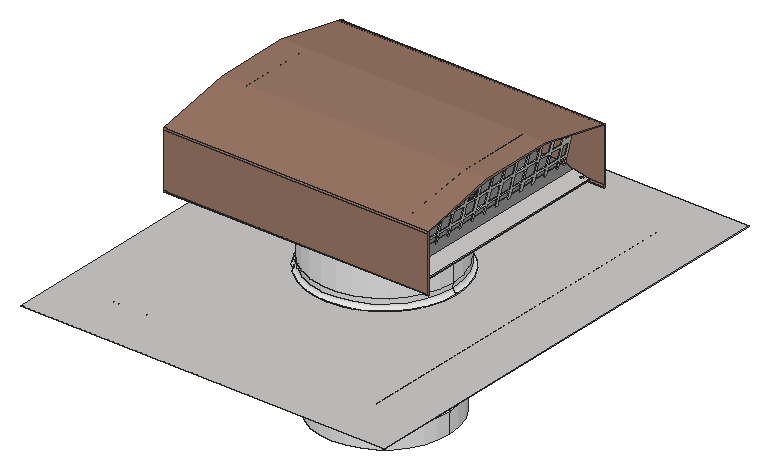
Revit family "150mm Roof Terminals BIM File", category Air Terminals, Revit 2024
Family settings
  Round Connector Dimension = Use Diameter
  Part Type = Normal
  Work Plane-Based = No
  Always vertical = Yes
  Cut with Voids When Loaded = No
  Maintain Annotation Orientation = No
  Shared = No
  Room Calculation Point = No
Parameters (values of type "150mm dia Terracotta Roof Terminal")
  URL = "http://www.airflow.com"
  Part number = "90001358"
  Pressure = 100.0 Pa
  Product name = "150mm Terracotta Roof Terminal"
  Manufacturer's name = "Airflow"
  Model = "150mm Terracotta Roof Terminal"
  Product URL link = "https://www.airflow.com/product/roof-cowls-and-slates/90001358"
  Manufacturer's URL link = "http://www.airflow.com"
  Installation instructions URL link = "https://www.airflow.com/product/roof-cowls-and-slates/90001358"
  Roof height (mm) = "140"  # constant formula
  Cap height (mm) = "82"  # constant formula
  Manufacturer = "Airflow"
  Manufacturer email = "info@airflow.com"
  Material 4 = ANJ010016 4
  Material 3 = ANJ010016 3
  Material 2 = ANJ010016 2
  Material 1 = ANJ010016 1
  Extract air flow at 20 Pa (m3/h) = "420"  # constant formula
  Supply air flow at 20 Pa (m3/h) = "245"  # constant formula
  Flow rate = 68.0556 L/s
  Lead dimensions (mm) = "500x400"  # constant formula
  Cap dimensions (mm) = "248x300"  # constant formula
  Connection diameter = 150 mm  # constant formula
  Default Elevation = 0 mm
Types (3, lengths in mm): name | URL | Part number | Product name | Model | Product URL link | Manufacturer's URL link | Installation instructions URL link | Material 3
  (no name) | "http://www.airflow.com" | "90001358" | "150mm Terracotta Roof Terminal" | "150mm Terracotta Roof Terminal" | "https://www.airflow.com/product/roof-cowls-and-slates/90001358" | "http://www.airflow.com" | "https://www.airflow.com/product/roof-cowls-and-slates/90001358" | ANJ010016 3
  150mm dia Terracotta Roof Terminal | "http://www.airflow.com" | "90001358" | "150mm Terracotta Roof Terminal" | "150mm Terracotta Roof Terminal" | "https://www.airflow.com/product/roof-cowls-and-slates/90001358" | "http://www.airflow.com" | "https://www.airflow.com/product/roof-cowls-and-slates/90001358" | ANJ010016 3
  150mm dia Slate Roof Terminal | "http://www.airflow.com/" | "90001357" | "150mm Slate Roof Terminal" | "150mm Slate Roof Terminal" | "https://www.airflow.com/product/roof-cowls-and-slates/90001357" | "http://www.airflow.com/" | "https://www.airflow.com/product/roof-cowls-and-slates/90001357" | ANJ010016 3'
Reference planes
  plane 1 "Center (Front/Back)": y = 0
  plane 2: z = 0
  plane 3 "Center (Left/Right)": x = 0
Nested families
  nested 1: "ANJ010016 CTM" at (0, 0, 0), type "ANJ010016 CTM"
Connectors
  hvac at (0, 0, 0), driven by "Connection diameter", driven by "Flow rate", driven by "Pressure"
    settings: on level, index 1, duct flow 68.0556 L/s, flow factor 0, pres drop 100.0 Pa, loss coef 0, conn angle 0.00°, conn width 304.8 mm, conn height 304.8 mm, conn diameter 150 mm, duct sys type 4, conn prof type 0, flow config 0, flow direction 0, loss method 4, conn ref index -1, conn util no, is conn primary yes, conn desc ""
Definition of nested family "ANJ010016 CTM"
  Parameters (values of type "ANJ010016 CTM")
    Version = "3"
    URL = "http://www.anjos-ventilation.com/"
    Polantis code = "ANJ010016"
    Model = "CTM"
    Manufacturer = "Anjos Ventilation"
    Email fabricant = "contact@anjos-ventilation.com "
    Matériel 4 = none
    Matériel 3 = none
    Matériel 2 = none
    Matériel 1 = none
    Débit à 20 Pa en rejet = ""
    Débit à 20 Pa en prise d'air = ""
    Default Elevation = 0 mm
  Reference planes
    plane 1 "Center (Front/Back)": y = 0
    plane 2: z = 0
    plane 3 "Center (Left/Right)": x = 0
  Forms (mm)
    Revolve 1, solid, material <- "Matériel 1"
      sketch origin (0, 0, 231.331) x (1, 0, 0) y (0, 0, 1)
        loop
          line (72.54, -68.331) -> (72.54, -86.566)
          arc (72.54, -86.566) -> (77.98, -93.301) -> (72.54, -100.037) r 6.89
          line (72.54, -100.037) -> (72.54, -182.813)
          arc (72.54, -182.813) -> (71.007, -187.462) -> (72.54, -192.111) r 7.819
          line (72.54, -192.111) -> (72.54, -199.729)
          arc (72.54, -199.729) -> (70.936, -204.534) -> (72.54, -209.339) r 8.001
          line (72.54, -209.339) -> (72.54, -231.331) -> (73.54, -231.331) -> (73.54, -208.993)
          arc (73.54, -208.993) -> (71.936, -204.534) -> (73.54, -200.075) r 7.001
          line (73.54, -200.075) -> (73.54, -191.769)
          arc (73.54, -191.769) -> (72.007, -187.462) -> (73.54, -183.155) r 6.819
          line (73.54, -183.155) -> (73.54, -100.801)
          arc (73.54, -100.801) -> (78.98, -93.301) -> (73.54, -85.801) r 7.89
          line (73.54, -85.801) -> (73.54, -68.331) -> (72.54, -68.331)
        axis (0, -68.331) -> (0, -231.331)
      angle from 0 to 360
    Extrusion 2, solid, material <- "Matériel 3"
      sketch origin (0, 0, 231.331) x (0, 0, 1) y (0, -1, 0)
        loop
          arc (53.217, -123.818) -> (72.254, -0.085) -> (53.235, 123.651) r 411.823
          arc (53.235, 123.651) -> (52.648, 124.39) -> (51.71, 124.5) r 1.238
          line (51.71, 124.5) -> (-9.796, 124.5)
          arc (-9.796, 124.5) -> (-10.747, 123.806) -> (-10.75, 122.628) r 1.302
          line (-10.75, 122.628) -> (-9.75, 122.628)
          arc (-9.75, 122.628) -> (-9.761, 123.147) -> (-9.38, 123.5) r 0.632
          line (-9.38, 123.5) -> (51.491, 123.5)
          arc (51.491, 123.5) -> (52.147, 123.228) -> (52.419, 122.572) r 0.928
          arc (52.419, 122.572) -> (70.722, -0.099) -> (52.419, -122.769) r 420.231
          arc (52.419, -122.769) -> (52.284, -123.215) -> (51.912, -123.494) r 0.747
          line (51.912, -123.494) -> (-8.365, -123.494)
          arc (-8.365, -123.494) -> (-9.088, -123.491) -> (-9.75, -123.2) r 1.781
          line (-9.75, -123.2) -> (-10.75, -123.2)
          arc (-10.75, -123.2) -> (-10.609, -124.033) -> (-9.906, -124.5) r 1.062
          line (-9.906, -124.5) -> (52.46, -124.5)
          arc (52.46, -124.5) -> (52.969, -124.304) -> (53.217, -123.818) r 0.761
      from -148.6 to 148.5
    Extrusion 3, solid, material <- "Matériel 4"
      sketch origin (-26.893, 0, 261.057) x (-0.978148, 0, 0.207912) y (0, 1, 0)
        loop
          line (-163.367, -122.572) -> (-145.122, -122.572) -> (-145.122, 122.769) -> (-163.367, 122.769) -> (-163.367, -122.572)
        loop
          circle (-158.943, -118.578) r 1.745
        loop
          circle (-157.506, 118.768) r 1.744
      from 3.495 to 4.483
    Extrusion 4, solid, material <- "Matériel 4"
      sketch origin (35.466, 0, 264.484) x (-0.224951, 0, 0.97437) y (0, 1, 0)
        loop
          line (40.567, -94.5) -> (26.007, -94.5) -> (26.007, -109.5) -> (40.567, -109.5) -> (40.567, -94.5)
        loop
          line (24.065, -94.5) -> (9.504, -94.5) -> (9.504, -109.5) -> (24.065, -109.5) -> (24.065, -94.5)
        loop
          line (7.563, -94.5) -> (7.563, -109.5) -> (0.805, -109.5) -> (0.805, -111.5) -> (7.563, -111.5) -> (7.563, -119.5) -> (0.805, -119.5) -> (0.805, -121.5) -> (53.04, -121.5)
          arc (53.04, -121.5) -> (72.263, 0) -> (53.04, 121.5) r 393.587
          line (53.04, 121.5) -> (0.805, 121.5) -> (0.805, 119.5) -> (7.563, 119.5) -> (7.563, 111.5) -> (0.805, 111.5) -> (0.805, 109.5) -> (7.563, 109.5) -> (7.563, 94.5) -> (0.805, 94.5) -> (0.805, 92.5) -> (7.563, 92.5) -> (7.563, 77.5) -> (0.805, 77.5) -> (0.805, 75.5) -> (7.563, 75.5) -> (7.563, 60.5) -> (0.805, 60.5) -> (0.805, 58.5) -> (7.563, 58.5) -> (7.563, 43.5) -> (0.805, 43.5) -> (0.805, 41.5) -> (7.563, 41.5) -> (7.563, 26.5) -> (0.805, 26.5) -> (0.805, 24.5) -> (7.563, 24.5) -> (7.563, 9.5) -> (0.805, 9.5) -> (0.805, 7.5) -> (7.563, 7.5) -> (7.563, -7.5) -> (0.805, -7.5) -> (0.805, -9.5) -> (7.563, -9.5) -> (7.563, -24.5) -> (0.805, -24.5) -> (0.805, -26.5) -> (7.563, -26.5) -> (7.563, -41.5) -> (0.805, -41.5) -> (0.805, -43.5) -> (7.563, -43.5) -> (7.563, -58.5) -> (0.805, -58.5) -> (0.805, -60.5) -> (7.563, -60.5) -> (7.563, -75.5) -> (0.805, -75.5) -> (0.805, -77.5) -> (7.563, -77.5) -> (7.563, -92.5) -> (0.805, -92.5) -> (0.805, -94.5) -> (7.563, -94.5)
        loop
          line (9.504, -111.5) -> (9.504, -119.5) -> (24.065, -119.5) -> (24.065, -111.5) -> (9.504, -111.5)
        loop
          line (40.567, -111.5) -> (26.007, -111.5) -> (26.007, -119.5) -> (40.567, -119.5) -> (40.567, -111.5)
        loop
          line (40.567, -92.5) -> (40.567, -77.5) -> (26.007, -77.5) -> (26.007, -92.5) -> (40.567, -92.5)
        loop
          line (24.065, -92.5) -> (24.065, -77.5) -> (9.504, -77.5) -> (9.504, -92.5) -> (24.065, -92.5)
        loop
          line (9.504, -75.5) -> (24.065, -75.5) -> (24.065, -60.5) -> (9.504, -60.5) -> (9.504, -75.5)
        loop
          line (40.52, -75.5) -> (40.52, -60.5) -> (26.007, -60.5) -> (26.007, -75.5) -> (40.52, -75.5)
        loop
          line (40.567, -26.5) -> (26.007, -26.5) -> (26.007, -41.5) -> (40.567, -41.5) -> (40.567, -26.5)
        loop
          line (24.065, -26.5) -> (9.504, -26.5) -> (9.504, -41.5) -> (24.065, -41.5) -> (24.065, -26.5)
        loop
          line (9.504, -43.5) -> (9.504, -58.5) -> (24.065, -58.5) -> (24.065, -43.5) -> (9.504, -43.5)
        loop
          line (40.52, -43.5) -> (26.007, -43.5) -> (26.007, -58.5) -> (40.52, -58.5) -> (40.52, -43.5)
        loop
          line (40.567, -24.5) -> (40.567, -9.5) -> (26.007, -9.5) -> (26.007, -24.5) -> (40.567, -24.5)
        loop
          line (24.065, -24.5) -> (24.065, -9.5) -> (9.504, -9.5) -> (9.504, -24.5) -> (24.065, -24.5)
        loop
          line (9.504, -7.5) -> (24.065, -7.5) -> (24.065, 7.5) -> (9.504, 7.5) -> (9.504, -7.5)
        loop
          line (40.52, -7.5) -> (40.52, 7.5) -> (26.007, 7.5) -> (26.007, -7.5) -> (40.52, -7.5)
        loop
          line (40.567, 41.5) -> (26.007, 41.5) -> (26.007, 26.5) -> (40.567, 26.5) -> (40.567, 41.5)
        loop
          line (24.065, 41.5) -> (9.504, 41.5) -> (9.504, 26.5) -> (24.065, 26.5) -> (24.065, 41.5)
        loop
          line (9.504, 24.5) -> (9.504, 9.5) -> (24.065, 9.5) -> (24.065, 24.5) -> (9.504, 24.5)
        loop
          line (40.567, 24.5) -> (26.007, 24.5) -> (26.007, 9.5) -> (40.567, 9.5) -> (40.567, 24.5)
        loop
          line (40.567, 43.5) -> (40.567, 58.5) -> (26.007, 58.5) -> (26.007, 43.5) -> (40.567, 43.5)
        loop
          line (24.065, 43.5) -> (24.065, 58.5) -> (9.504, 58.5) -> (9.504, 43.5) -> (24.065, 43.5)
        loop
          line (9.504, 60.5) -> (24.065, 60.5) -> (24.065, 75.5) -> (9.504, 75.5) -> (9.504, 60.5)
        loop
          line (40.567, 60.5) -> (40.567, 75.5) -> (26.007, 75.5) -> (26.007, 60.5) -> (40.567, 60.5)
        loop
          line (40.567, 109.5) -> (26.007, 109.5) -> (26.007, 94.5) -> (40.567, 94.5) -> (40.567, 109.5)
        loop
          line (24.065, 109.5) -> (9.504, 109.5) -> (9.504, 94.5) -> (24.065, 94.5) -> (24.065, 109.5)
        loop
          line (9.504, 92.5) -> (9.504, 77.5) -> (24.065, 77.5) -> (24.065, 92.5) -> (9.504, 92.5)
        loop
          line (40.567, 92.5) -> (26.007, 92.5) -> (26.007, 77.5) -> (40.567, 77.5) -> (40.567, 92.5)
        loop
          line (40.567, 111.5) -> (40.567, 119.5) -> (30.285, 119.5) -> (30.285, 111.5) -> (40.567, 111.5)
        loop
          line (24.065, 111.5) -> (24.065, 119.5) -> (9.504, 119.5) -> (9.504, 111.5) -> (24.065, 111.5)
        loop
          line (51.708, -119.5) -> (51.708, -111.5) -> (42.509, -111.5) -> (42.509, -119.5) -> (51.708, -119.5)
        loop
          line (55.836, -109.5) -> (55.836, -94.5) -> (42.509, -94.5) -> (42.509, -109.5) -> (55.836, -109.5)
        loop
          line (59.561, -92.5) -> (59.561, -77.5) -> (42.512, -77.5) -> (42.512, -92.5) -> (59.561, -92.5)
        loop
          line (61.55, -75.5) -> (61.55, -60.5) -> (42.509, -60.5) -> (42.509, -75.5) -> (61.55, -75.5)
        loop
          line (66.981, -58.5) -> (66.981, -43.5) -> (42.509, -43.5) -> (42.509, -58.5) -> (66.981, -58.5)
        loop
          line (67.922, -41.5) -> (67.922, -26.5) -> (42.509, -26.5) -> (42.509, -41.5) -> (67.922, -41.5)
        loop
          line (68.689, -24.5) -> (68.689, -9.5) -> (42.509, -9.5) -> (42.509, -24.5) -> (68.689, -24.5)
        loop
          line (69.174, -7.5) -> (69.174, 7.5) -> (42.509, 7.5) -> (42.509, -7.5) -> (69.174, -7.5)
        loop
          line (42.509, 9.5) -> (68.727, 9.5) -> (68.727, 24.5) -> (42.509, 24.5) -> (42.509, 9.5)
        loop
          line (42.509, 26.5) -> (67.922, 26.5) -> (67.922, 41.5) -> (42.509, 41.5) -> (42.509, 26.5)
        loop
          line (66.981, 43.5) -> (66.981, 58.5) -> (42.509, 58.5) -> (42.509, 43.5) -> (66.981, 43.5)
        loop
          line (61.55, 60.5) -> (61.55, 75.5) -> (42.509, 75.5) -> (42.509, 60.5) -> (61.55, 60.5)
        loop
          line (59.561, 77.5) -> (59.561, 92.5) -> (42.509, 92.5) -> (42.509, 77.5) -> (59.561, 77.5)
        loop
          line (55.836, 94.5) -> (55.836, 109.5) -> (42.509, 109.5) -> (42.509, 94.5) -> (55.836, 94.5)
        loop
          line (51.708, 111.5) -> (51.708, 119.5) -> (42.509, 119.5) -> (42.509, 111.5) -> (51.708, 111.5)
      from 144.44 to 145.528
    Extrusion 5, solid, material <- "Matériel 4"
      sketch origin (25.893, 0, 261.057) x (0.978148, 0, 0.207912) y (0, -1, 0)
        loop
          line (-163, 122.572) -> (-163, -122.769) -> (-145.122, -122.769) -> (-145.122, 122.572) -> (-163, 122.572)
        loop
          circle (-157.496, 118.578) r 1.745
        loop
          circle (-157.506, -118.768) r 1.744
      from 3.495 to 4.698
    Extrusion 6, solid, material <- "Matériel 3"
      sketch origin (0, 0, 210.831) x (0, -1, 0) y (1, 0, 0)
        loop
          line (-105.5, -98.5) -> (-105.5, 98.5) -> (-115.7, 98.5) -> (-115.7, -98.5) -> (-105.5, -98.5)
        loop
          circle (-110.001, -56.914) r 1.765
        loop
          circle (-109.96, 0.074) r 1.724
        loop
          arc (-108.4, 57.71) -> (-110.756, 58.711) -> (-111.698, 56.33) r 1.788
          arc (-111.698, 56.33) -> (-109.359, 55.371) -> (-108.4, 57.71) r 1.788
      from 9.75 to 10.75
    Extrusion 7, solid, material <- "Matériel 3"
      sketch origin (0, 0.571, 210.831) x (0, -1, 0) y (1, 0, 0)
        loop
          line (105.5, -98.5) -> (115.7, -98.5) -> (115.7, 98.5) -> (105.5, 98.5) -> (105.5, -98.5)
        loop
          circle (110.001, -56.914) r 1.765
        loop
          circle (109.96, 0.074) r 1.724
        loop
          arc (108.4, 57.71) -> (109.359, 55.371) -> (111.698, 56.33) r 1.788
          arc (111.698, 56.33) -> (110.756, 58.711) -> (108.4, 57.71) r 1.788
      from 9.75 to 10.75
    Sweep 8, solid, material <- "Matériel 2"
      path origin (0, 0, 231.331) x (0, -1, 0) y (1, 0, 0)
        loop
          circle (0, 0) r 77.5
      profile origin (-77.5, 0, 231.331) x (1, 0, 0) y (0, 0, 1)
        loop
          line (-6.454, 0.043) -> (-6.454, -0.957)
          arc (-6.454, -0.957) -> (-3.584, -2.153) -> (-2.411, -5.033) r 4.043
          line (-2.411, -5.033) -> (-1.999, -10.925) -> (-0.472, -16.25) -> (0.568, -16.25) -> (-1.009, -10.75) -> (-1.411, -5)
          arc (-1.411, -5) -> (-2.888, -1.434) -> (-6.454, 0.043) r 5.043
    Extrusion 9, solid, material <- "Matériel 2"
      sketch origin (0, -0.014, 227.06) x (0, -1, 0) y (1, 0, 0)
        loop
          line (122.486, -104.456) -> (122.486, 103.69) -> (-122.514, 103.69) -> (-122.514, -104.456) -> (122.486, -104.456)
        loop
          circle (0, 0) r 84
      from 3.314 to 4.271
    Extrusion 10, solid, material <- "Matériel 2"
      sketch origin (30, 0, 231.331) x (1, 0, 0) y (0, 0, 1)
        loop
          line (-153, -8.99) -> (-153, -9.971) -> (-135, -0.981) -> (-135, 0) -> (-153, -8.99)
      from -123.494 to 122.628
    Extrusion 11, solid, material <- "Matériel 2"
      sketch origin (30, 0, 212.371) x (0, -1, 0) y (1, 0, 0)
        loop
          line (122.572, -163) -> (122.572, -153) -> (-122.769, -153) -> (-122.769, -163) -> (122.572, -163)
        loop
          circle (117.573, -157) r 1.749
        loop
          circle (-117.769, -157) r 1.75
      from 9 to 9.97
    Extrusion 12, solid, material <- "Matériel 2"
      sketch origin (-31, 0, 231.331) x (-1, 0, 0) y (0, 0, -1)
        loop
          line (-153, 8.99) -> (-135, 0) -> (-135, 0.981) -> (-153, 9.971) -> (-153, 8.99)
      from -123.494 to 122.628
    Extrusion 13, solid, material <- "Matériel 2"
      sketch origin (-31, 0, 212.373) x (0, 1, 0) y (-1, 0, 0)
        loop
          line (-122.628, -163) -> (122.769, -163) -> (122.769, -153) -> (-122.628, -153) -> (-122.628, -163)
        loop
          circle (-117.629, -157) r 1.749
        loop
          circle (117.769, -157) r 1.75
      from 9 to 9.968
    Extrusion 14, solid, material <- "Matériel 4"
      sketch origin (0, 0.022, 55.646) x (0, -1, 0) y (1, 0, 0)
        loop
          line (255, -205) -> (255, 205) -> (-255, 205) -> (-255, -205) -> (255, -205)
        loop
          circle (0, 0) r 81.7
      from 87.389 to 88.289
    Extrusion 15, solid, material <- "Matériel 1"
      sketch origin (0, 0.022, 54.746) x (0, -1, 0) y (1, 0, 0)
        loop
          line (198.5, -148.5) -> (198.5, 148.5) -> (-198.5, 148.5) -> (-198.5, -148.5) -> (198.5, -148.5)
        loop
          arc (194.736, -142.739) -> (192.775, -141.261) -> (191.265, -143.227) r 1.753
          arc (191.265, -143.227) -> (193.246, -144.734) -> (194.736, -142.739) r 1.753
        loop
          circle (193, -1.8) r 1.75
        loop
          circle (193, 143) r 1.75
        loop
          circle (-21.992, 143) r 1.742
        loop
          circle (-193.007, 143) r 1.757
        loop
          arc (-191.383, 0.67) -> (-193.434, 1.681) -> (-194.77, -0.175) r 1.77
          arc (-194.77, -0.175) -> (-192.578, -1.754) -> (-191.383, 0.67) r 1.77
        loop
          arc (-191.25, -143) -> (-193.187, -141.22) -> (-194.711, -143.364) r 1.754
          arc (-194.711, -143.364) -> (-192.82, -144.708) -> (-191.25, -143) r 1.754
        loop
          arc (23.75, -143) -> (21.938, -141.239) -> (20.253, -143.122) r 1.751
          arc (20.253, -143.122) -> (22.06, -144.739) -> (23.75, -143) r 1.751
        loop
          circle (0, 0) r 79.6
      from 87.662 to 88.289
    Revolve 16, solid, material <- "Matériel 1"
      sketch origin (0, 0.001, 230.76) x (1, 0, 0) y (0, 0, 1)
        loop
          line (77.435, -3.422) -> (76.684, -3.694) -> (76.684, -79.958) -> (76.555, -81.808)
          arc (76.555, -81.808) -> (77.911, -85.826) -> (81.721, -87.689) r 5.506
          line (81.721, -87.689) -> (81.721, -86.825)
          arc (81.721, -86.825) -> (78.63, -85.225) -> (77.484, -81.939) r 4.706
          line (77.484, -81.939) -> (77.873, -76.372) -> (77.435, -3.422)
        axis (0, -3.422) -> (0, -87.689)
      angle from 0 to 360
    Extrusion 17, solid, material <- "Matériel 2"
      sketch origin (0.141, 19.953, 234.645) x (0, 0, 1) y (0, -1, 0)
        loop
          line (2, 118.5) -> (0, 118.5) -> (0, 99.241)
          arc (0, 99.241) -> (-0.803, 97.303) -> (-2.741, 96.5) r 2.741
          line (-2.741, 96.5) -> (-33, 96.5) -> (-33, 94.5) -> (-2, 94.5)
          arc (-2, 94.5) -> (0.828, 95.672) -> (2, 98.5) r 4
          line (2, 98.5) -> (2, 118.5)
      from -10.978 to 11.034
    Sweep 18, void
      path origin (-989.824, -426.806, 0) x (1, 0, 0) y (0, 1, 0)
        loop
          line (990.286, 358.96) -> (990.286, 343.96)
      profile origin (0.461, -75.346, 0) x (1, 0, 0) y (0, 0, 1)
        loop
          circle (-0.286, 212.416) r 2.5
    Extrusion 19, solid, material <- "Matériel 2"
      sketch origin (0.141, -19.953, 234.645) x (0, 0, 1) y (0, -1, 0)
        loop
          line (2, -118.5) -> (2, -98.5)
          arc (2, -98.5) -> (0.828, -95.672) -> (-2, -94.5) r 4
          line (-2, -94.5) -> (-33, -94.5) -> (-33, -96.5) -> (-2.741, -96.5)
          arc (-2.741, -96.5) -> (-0.803, -97.303) -> (0, -99.241) r 2.741
          line (0, -99.241) -> (0, -118.5) -> (2, -118.5)
      from -10.978 to 11.034
    Sweep 20, void
      path origin (-989.824, 446.806, 0) x (1, 0, 0) y (0, 1, 0)
        loop
          line (990.286, -378.96) -> (990.286, -363.96)
      profile origin (0.461, 75.346, 0) x (-1, 0, 0) y (0, 0, 1)
        loop
          circle (0.286, 212.416) r 2.5
    Extrusion 21, solid, material <- "Matériel 4"
      sketch origin (-35.466, 0, 264.484) x (0.224951, 0, 0.97437) y (0, -1, 0)
        loop
          line (40.567, 94.5) -> (40.567, 109.5) -> (26.007, 109.5) -> (26.007, 94.5) -> (40.567, 94.5)
        loop
          line (24.065, 94.5) -> (24.065, 109.5) -> (9.504, 109.5) -> (9.504, 94.5) -> (24.065, 94.5)
        loop
          line (7.563, 94.5) -> (-6.971, 94.5) -> (-6.971, 92.5) -> (7.563, 92.5) -> (7.563, 77.5) -> (-6.971, 77.5) -> (-6.971, 75.5) -> (7.563, 75.5) -> (7.563, 60.5) -> (-6.971, 60.5) -> (-6.971, 58.5) -> (7.563, 58.5) -> (7.563, 43.5) -> (-6.971, 43.5) -> (-6.971, 41.5) -> (7.563, 41.5) -> (7.563, 26.5) -> (-6.971, 26.5) -> (-6.971, 24.5) -> (7.563, 24.5) -> (7.563, 9.5) -> (-6.971, 9.5) -> (-6.971, 7.5) -> (7.563, 7.5) -> (7.563, -7.5) -> (-6.971, -7.5) -> (-6.971, -9.5) -> (7.563, -9.5) -> (7.563, -24.5) -> (-6.971, -24.5) -> (-6.971, -26.5) -> (7.563, -26.5) -> (7.563, -41.5) -> (-6.971, -41.5) -> (-6.971, -43.5) -> (7.563, -43.5) -> (7.563, -58.5) -> (-6.971, -58.5) -> (-6.971, -60.5) -> (7.563, -60.5) -> (7.563, -75.5) -> (-6.971, -75.5) -> (-6.971, -77.5) -> (7.563, -77.5) -> (7.563, -92.5) -> (-6.971, -92.5) -> (-6.971, -94.5) -> (7.563, -94.5) -> (7.563, -109.5) -> (-6.971, -109.5) -> (-6.971, -111.5) -> (7.563, -111.5) -> (7.563, -119.5) -> (-6.971, -119.5) -> (-6.971, -121.5) -> (53.04, -121.5)
          arc (53.04, -121.5) -> (72.263, 0) -> (53.04, 121.5) r 393.587
          line (53.04, 121.5) -> (-6.971, 121.5) -> (-6.971, 119.5) -> (7.563, 119.5) -> (7.563, 111.5) -> (-6.971, 111.5) -> (-6.971, 109.5) -> (7.563, 109.5) -> (7.563, 94.5)
        loop
          line (9.504, 111.5) -> (24.065, 111.5) -> (24.065, 119.5) -> (9.504, 119.5) -> (9.504, 111.5)
        loop
          line (40.567, 111.5) -> (40.567, 119.5) -> (26.007, 119.5) -> (26.007, 111.5) -> (40.567, 111.5)
        loop
          line (40.567, 92.5) -> (26.007, 92.5) -> (26.007, 77.5) -> (40.567, 77.5) -> (40.567, 92.5)
        loop
          line (24.065, 92.5) -> (9.504, 92.5) -> (9.504, 77.5) -> (24.065, 77.5) -> (24.065, 92.5)
        loop
          line (9.504, 75.5) -> (9.504, 60.5) -> (24.065, 60.5) -> (24.065, 75.5) -> (9.504, 75.5)
        loop
          line (40.52, 75.5) -> (26.007, 75.5) -> (26.007, 60.5) -> (40.52, 60.5) -> (40.52, 75.5)
        loop
          line (40.567, 26.5) -> (40.567, 41.5) -> (26.007, 41.5) -> (26.007, 26.5) -> (40.567, 26.5)
        loop
          line (24.065, 26.5) -> (24.065, 41.5) -> (9.504, 41.5) -> (9.504, 26.5) -> (24.065, 26.5)
        loop
          line (9.504, 43.5) -> (24.065, 43.5) -> (24.065, 58.5) -> (9.504, 58.5) -> (9.504, 43.5)
        loop
          line (40.52, 43.5) -> (40.52, 58.5) -> (26.007, 58.5) -> (26.007, 43.5) -> (40.52, 43.5)
        loop
          line (40.567, 24.5) -> (26.007, 24.5) -> (26.007, 9.5) -> (40.567, 9.5) -> (40.567, 24.5)
        loop
          line (24.065, 24.5) -> (9.504, 24.5) -> (9.504, 9.5) -> (24.065, 9.5) -> (24.065, 24.5)
        loop
          line (9.504, 7.5) -> (9.504, -7.5) -> (24.065, -7.5) -> (24.065, 7.5) -> (9.504, 7.5)
        loop
          line (40.52, 7.5) -> (26.007, 7.5) -> (26.007, -7.5) -> (40.52, -7.5) -> (40.52, 7.5)
        loop
          line (40.567, -41.5) -> (40.567, -26.5) -> (26.007, -26.5) -> (26.007, -41.5) -> (40.567, -41.5)
        loop
          line (24.065, -41.5) -> (24.065, -26.5) -> (9.504, -26.5) -> (9.504, -41.5) -> (24.065, -41.5)
        loop
          line (9.504, -24.5) -> (24.065, -24.5) -> (24.065, -9.5) -> (9.504, -9.5) -> (9.504, -24.5)
        loop
          line (40.567, -24.5) -> (40.567, -9.5) -> (26.007, -9.5) -> (26.007, -24.5) -> (40.567, -24.5)
        loop
          line (40.567, -43.5) -> (26.007, -43.5) -> (26.007, -58.5) -> (40.567, -58.5) -> (40.567, -43.5)
        loop
          line (24.065, -43.5) -> (9.504, -43.5) -> (9.504, -58.5) -> (24.065, -58.5) -> (24.065, -43.5)
        loop
          line (9.504, -60.5) -> (9.504, -75.5) -> (24.065, -75.5) -> (24.065, -60.5) -> (9.504, -60.5)
        loop
          line (40.567, -60.5) -> (26.007, -60.5) -> (26.007, -75.5) -> (40.567, -75.5) -> (40.567, -60.5)
        loop
          line (40.567, -109.5) -> (40.567, -94.5) -> (26.007, -94.5) -> (26.007, -109.5) -> (40.567, -109.5)
        loop
          line (24.065, -109.5) -> (24.065, -94.5) -> (9.504, -94.5) -> (9.504, -109.5) -> (24.065, -109.5)
        loop
          line (9.504, -92.5) -> (24.065, -92.5) -> (24.065, -77.5) -> (9.504, -77.5) -> (9.504, -92.5)
        loop
          line (40.567, -92.5) -> (40.567, -77.5) -> (26.007, -77.5) -> (26.007, -92.5) -> (40.567, -92.5)
        loop
          line (40.567, -111.5) -> (30.285, -111.5) -> (30.285, -119.5) -> (40.567, -119.5) -> (40.567, -111.5)
        loop
          line (24.065, -111.5) -> (9.504, -111.5) -> (9.504, -119.5) -> (24.065, -119.5) -> (24.065, -111.5)
        loop
          line (51.708, 119.5) -> (42.509, 119.5) -> (42.509, 111.5) -> (51.708, 111.5) -> (51.708, 119.5)
        loop
          line (55.836, 109.5) -> (42.509, 109.5) -> (42.509, 94.5) -> (55.836, 94.5) -> (55.836, 109.5)
        loop
          line (59.561, 92.5) -> (42.512, 92.5) -> (42.512, 77.5) -> (59.561, 77.5) -> (59.561, 92.5)
        loop
          line (61.55, 75.5) -> (42.509, 75.5) -> (42.509, 60.5) -> (61.55, 60.5) -> (61.55, 75.5)
        loop
          line (66.981, 58.5) -> (42.509, 58.5) -> (42.509, 43.5) -> (66.981, 43.5) -> (66.981, 58.5)
        loop
          line (67.922, 41.5) -> (42.509, 41.5) -> (42.509, 26.5) -> (67.922, 26.5) -> (67.922, 41.5)
        loop
          line (68.689, 24.5) -> (42.509, 24.5) -> (42.509, 9.5) -> (68.689, 9.5) -> (68.689, 24.5)
        loop
          line (69.174, 7.5) -> (42.509, 7.5) -> (42.509, -7.5) -> (69.174, -7.5) -> (69.174, 7.5)
        loop
          line (42.509, -9.5) -> (42.509, -24.5) -> (68.727, -24.5) -> (68.727, -9.5) -> (42.509, -9.5)
        loop
          line (42.509, -26.5) -> (42.509, -41.5) -> (67.922, -41.5) -> (67.922, -26.5) -> (42.509, -26.5)
        loop
          line (66.981, -43.5) -> (42.509, -43.5) -> (42.509, -58.5) -> (66.981, -58.5) -> (66.981, -43.5)
        loop
          line (61.55, -60.5) -> (42.509, -60.5) -> (42.509, -75.5) -> (61.55, -75.5) -> (61.55, -60.5)
        loop
          line (59.561, -77.5) -> (42.509, -77.5) -> (42.509, -92.5) -> (59.561, -92.5) -> (59.561, -77.5)
        loop
          line (55.836, -94.5) -> (42.509, -94.5) -> (42.509, -109.5) -> (55.836, -109.5) -> (55.836, -94.5)
        loop
          line (51.708, -111.5) -> (42.509, -111.5) -> (42.509, -119.5) -> (51.708, -119.5) -> (51.708, -111.5)
      from 144.44 to 145.528
  Cuts and joins
    Sweep 18, Sweep 20 cuts Extrusion 17
    Sweep 20 cuts Extrusion 19
